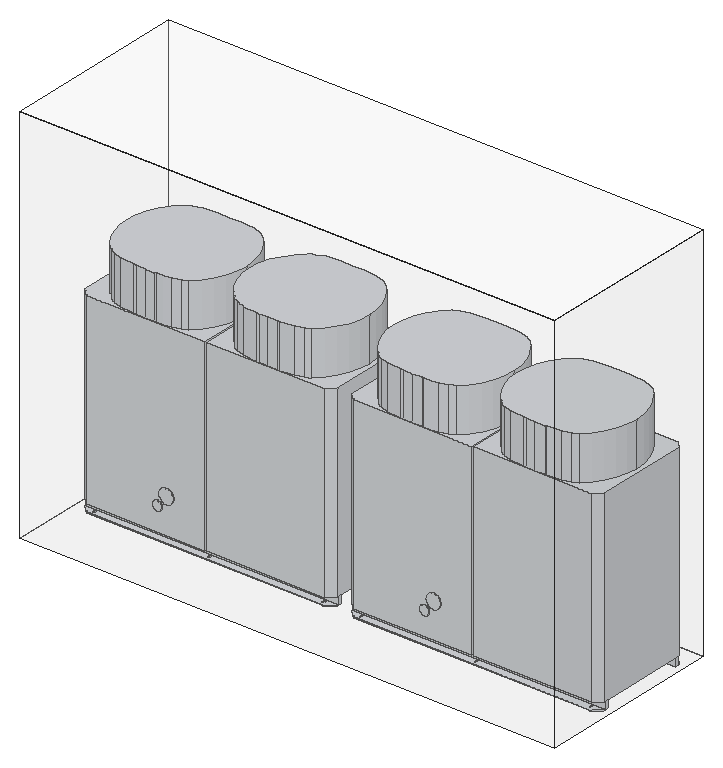
Revit family "pury-ep224_900(s)dmg9_60Hz", category 機械設備, Revit 2019
Family settings
  丸型コネクタ寸法 = 直径を使用
  パーツ タイプ = 標準
  OmniClass 番号 = 23.75.10.24.21.27.27
  OmniClass タイトル = Split System Air Conditioning Units
  作業面ベース = いいえ
  常に垂直 = はい
  ロード時にボイドで切り取り = いいえ
  共有 = いいえ
  部屋計算ポイント = いいえ
Parameters (values of type "PURY-EP900SDMG9_タイプB")
  風量（m3／min） = 640
  風量 = MAX風量  # 38400.0 m³/h
  音響パワーレベル(dB) = 89.5
  電源種別 = ""
  電源位置2Y（ユニット3） = 121 mm
  電源位置2Y（ユニット2） = 121 mm
  電源位置2Y（ユニット1） = 121 mm
  電源位置2X（ユニット3） = 516 mm
  電源位置2X（ユニット2） = 516 mm
  電源位置2X（ユニット1） = 516 mm
  電源位置1Z（ユニット3） = 217 mm
  電源位置1Z（ユニット2） = 217 mm
  電源位置1Z（ユニット1） = 217 mm
  電源位置1X（ユニット3） = 541 mm
  電源位置1X（ユニット2） = 541 mm
  電源位置1X（ユニット1） = 541 mm
  電圧 = 200 V
  電動機出力_送風機 = 3.68 kW
  電動機出力_圧縮機 = 22.2 kW
  集中コントローラ [instance] = ""
  運転質量 = 0.00 kg
  運転方法 = "冷暖同時"
  質量 = if(製品質量 > 運転質量, 製品質量, 運転質量) * 1.2  # 744.00 kg
  負荷分類 = 1_熱源類
  説明 = "ビル用マルチエアコン　室外ユニット シティマルチR2 GR 高効率EX"
  設計暖房能力 [instance] = 0 kW
  設計冷房能力_顕熱 [instance] = 0 kW
  設計冷房能力 [instance] = 0 kW
  設置方法 = "床置形"
  記号 [instance] = ""
  製造元 = "三菱電機株式会社"
  製品質量 = 620.00 kg
  製品出荷対象 = "国内"
  製品リリース年月 = "2024/4/26"
  製品グループ = ""
  系統 [instance] = ""
  符号 = "EHP"
  積算_科目 = "1 空気調和設備"
  積算_拾い区分 [instance] = ""
  相 = 3
  盤記号 [instance] = ""
  発停方法 = "付属スイッチ"
  特殊仕様 [instance] = ""
  消費電力_暖房 = 28.5 kW
  消費電力_冷房 = 30.6 kW
  消費電力 = if(消費電力_冷房 > 消費電力_暖房, 消費電力_冷房, 消費電力_暖房)  # 30.6 kW
  法定耐用年数 = "15"
  極数 = 3
  材質 [instance] = ""
  本体マテリアル = none
  最小電線太さ_mm2 = 100
  最大電流値 = 134 A
  暖房能力 = 100 kW
  推奨ブレーカー容量 = 150 A
  据付ピッチ1 = 0 mm
  形式 = "マルチパッケージ形 室外機"
  幹線記号 [instance] = ""
  始動方式 = ""
  呼称 = "マルチパッケージ形空気調和機"
  周波数 = 60 Hz
  参照している仕様書等のバージョン = "公共建築工事標準仕様書（機械設備工事編）平成31年度版"
  分類コード = "50053003300020"
  分類グループ = ""
  冷房能力 = 90 kW
  冷媒管（液）位置2 (ユニット3) = 146 mm
  冷媒管（液）位置2 (ユニット2) = 146 mm
  冷媒管（液）位置1 (ユニット3） = 533 mm
  冷媒管（ガス）位置2 (ユニット3) = 146 mm
  冷媒管（ガス）位置2 (ユニット2) = 146 mm
  冷媒管（ガス）位置1 (ユニット3) = 140 mm
  冷媒管（ガス）位置1 (ユニット1) = 140 mm
  冷媒管（液）位置1 (ユニット1) = 533 mm
  冷媒管（液）位置2 (ユニット1) = 146 mm
  冷媒管（ガス）位置2 (ユニット1) = 146 mm
  冷媒管（ガス）位置1 (ユニット2) = 140 mm
  冷媒管（液）位置1 (ユニット2） = 533 mm
  冷媒管長 [instance] = 0 mm
  冷媒管径符号 = "Hi"
  冷媒管径3 = 100.00 mm
  冷媒管径2 = 100.00 mm
  冷媒管径 = 100.00 mm
  冷媒管位置3 (ユニット3) = 294.5 mm
  冷媒管位置3 (ユニット2) = 294.5 mm
  冷媒管位置3 (ユニット1) = 294.5 mm
  冷媒管位置2 (ユニット3) = 146 mm
  冷媒管位置2 (ユニット2) = 146 mm
  冷媒管位置1 (ユニット2) = 603 mm
  冷媒管位置2 (ユニット1) = 146 mm
  冷媒管位置1 (ユニット3) = 603 mm
  冷媒管位置1 (ユニット1) = 603 mm
  冷媒液管径3 = 22.20 mm
  冷媒液管径2 = 22.20 mm
  冷媒液管径 = 22.20 mm
  冷媒ガス管径3 = 28.58 mm
  冷媒ガス管径2 = 28.58 mm
  冷媒ガス管径 = 28.58 mm
  企業コード = "108420"
  付属品 [instance] = ""
  仕様書バージョン = "Version1.0"
  ユニット隙間 = if(サービススペース_タイプA, 30 mm, 100 mm)  # 100 mm
  ユニット数 = 2
  ユニットタイプ3 = 筐体モジュール.（R2高効率） : 450K筐体
  ユニットタイプ2 = 筐体モジュール.（R2高効率） : 450K筐体
  ユニットタイプ1 = 筐体モジュール.（R2高効率） : 450K筐体
  ユニット3_S = no
  ユニット3_L = no
  ユニット3 = no
  ユニット2_S = no
  ユニット2_L = no
  ユニット2 = yes
  ユニット1_S = no
  ユニット1_L = no
  モデル = "PURY-EP900SDMG9"
  ドレン管径 = 0.00 mm
  サービススペース_タイプA = no
  サービススペース = yes
  コメント [instance] = ""
  ケーブル種類 = ""
  ケーブルサイズ = 0 mm
  アンカーボルト位置Y（ユニット3） = 681 mm
  アンカーボルト位置Y（ユニット2） = 681 mm
  アンカーボルト位置Y（ユニット1） = 681 mm
  アンカーボルト位置X（ユニット3） = 795 mm
  アンカーボルト位置X（ユニット2） = 795 mm
  アンカーボルト位置X（ユニット1） = 795 mm
  Width3 = 1750 mm
  Width2 = 1750 mm
  Width1 = 1750 mm
  Width = if(ユニット3, Width1 + Width2 + Width3 + 2 * ユニット隙間, if(ユニット2, Width1 + Width2 + 1 * ユニット隙間, Width1))  # 3600 mm
  Version = ""
  Uniclass2015Version = "Systems v1.9"
  Uniclass2015Title = "Split coil remote air cooled condensing units"
  Uniclass2015Code = "Pr_70_65_03_84"
  URL = "https://www.mitsubishielectric.co.jp/ldg/wink/qr/002/331936/"
  SpecificationReference = ""
  SpecificationDescription = ""
  Revision = ""
  ProductInformation = ""
  OmniClassCode = "23-75 10 24 21 27 27"
  OUTLINE2 = outline : outline_XL
  OUTLINE1 = outline : outline_XL
  MAX風量 = 風量（m3／min） * 60.0 m³/h  # 38400.0 m³/h
  IfcTypeProduct = ""
  IfcProduct = ""
  IfcExportType = "AIRCONDITIONINGUNIT"
  IfcExportAs = "IfcUnitaryEquipmentType"
  Height = 1650 mm
  Depth = 740 mm
  Clearance Top [instance] = if(サービススペース_タイプA, 1000 mm, 1000 mm)  # 1000 mm
  Clearance Right [instance] = if(サービススペース_タイプA, 15 mm, 50 mm)  # 50 mm
  Clearance Left [instance] = if(サービススペース_タイプA, 15 mm, 50 mm)  # 50 mm
  Clearance Front [instance] = if(サービススペース_タイプA, 450 mm, 450 mm)  # 450 mm
  Clearance Back [instance] = if(サービススペース_タイプA, 300 mm, 100 mm)  # 100 mm
  COP = 0
  Author = "三菱電機株式会社"
  APF = 0
Reference planes
  plane 1 "中心(正面/背面)": y = 0
  plane 2: z = 0
  plane 3 "中心(左/右)": x = 890
  plane 4 "右": x = 2690
  plane 5 "左": x = -910
  plane 6 "背面": y = 370
  plane 7 "正面": y = -370
  plane 8: z = 1347
  plane 9 "上部": z = 1650
  plane 10 "Clearanse Top": z = 2650
  plane 11: x = -2157
  plane 12 "冷媒操作弁ガス芯2": y = -224
  plane 13 "冷媒操作弁液芯2": y = -224
  plane 14 "SS_back": y = 470
  plane 15 "SS_front": y = -820
  plane 16 "SS_left": x = -960
  plane 17 "SS_right": x = 2740
  plane 18: x = -1010
  plane 19: x = -910
  plane 20: x = 840
  plane 21: x = 940
  plane 22: x = -2760
  plane 23: x = -307
  plane 24: x = 1543
  plane 25: x = -1885
  plane 26: x = -35
  plane 27: x = 1815
  plane 28: z = 53
  plane 29: z = 294.5
  plane 30: y = -224
  plane 31: z = 54
  plane 32: z = 294.5
  plane 33: z = 294.5
  plane 34: x = 1456
  plane 35: x = 1481
  plane 36: x = -394
  plane 37: x = -369
  plane 38: y = -249
  plane 39: y = -249
  plane 40: y = -249
  plane 41: z = 217
  plane 42: z = 217
  plane 43: z = 217
Forms (mm)
  Extrusion 1, solid, detail levels fine
    sketch origin (0, -370, 0) x (1, 0, 0) y (0, 0, 1)
      loop
        circle (1543, 294.5) r 50
    from 0 to 1
  Extrusion 2, solid, visible <- "ユニット2", detail levels fine
    sketch origin (0, -370, 0) x (1, 0, 0) y (0, 0, 1)
      loop
        circle (-307, 294.5) r 50
    from 0 to 1
  Extrusion 3, solid, detail levels fine
    sketch origin (-1437.329, -1524, 54) x (-1, 0, 0) y (0, -1, 0)
      loop
        circle (-2980.329, -1300) r 50
    from 0 to -1
  Extrusion 4, solid, visible <- "ユニット2", detail levels fine
    sketch origin (-1437.329, -1524, 54) x (-1, 0, 0) y (0, -1, 0)
      loop
        circle (-1130.329, -1300) r 50
    from 0 to -1
  Extrusion 5, solid, detail levels fine
    sketch origin (-1437.329, -1524, 54) x (-1, 0, 0) y (0, -1, 0)
      loop
        circle (-2893.329, -1275) r 32.5
    from -1 to 0
  Extrusion 6, solid, visible <- "ユニット2", detail levels fine
    sketch origin (-1437.329, -1524, 54) x (-1, 0, 0) y (0, -1, 0)
      loop
        circle (-1043.329, -1275) r 32.5
    from -1 to 0
  Extrusion 7, solid, detail levels fine
    sketch origin (0, -370, 0) x (1, 0, 0) y (0, 0, 1)
      loop
        circle (1481, 217) r 32.5
    from 0 to 1
  Extrusion 8, solid, visible <- "ユニット2", detail levels fine
    sketch origin (0, -370, 0) x (1, 0, 0) y (0, 0, 1)
      loop
        circle (-369, 217) r 32.5
    from 0 to 1
Lines and regions (mm)
  model lines, not visible
    curve 1: line (460, 178.667, 1289.179) -> (460, 297.73, 1289.179)
    curve 2: line (460, 178.667, 1056.056) -> (460, 178.667, 1289.179)
    curve 3: line (460, 297.73, 1056.056) -> (460, 178.667, 1056.056)
    curve 4: line (460, 297.73, 1289.179) -> (460, 297.73, 1056.056)
    curve 5: line (460, 47.598, 1289.179) -> (460, 166.661, 1289.179)
    curve 6: line (460, 47.598, 1056.056) -> (460, 47.598, 1289.179)
    curve 7: line (460, 166.661, 1056.056) -> (460, 47.598, 1056.056)
    curve 8: line (460, 166.661, 1289.179) -> (460, 166.661, 1056.056)
    curve 9: line (460, -83.471, 1289.179) -> (460, 35.592, 1289.179)
    curve 10: line (460, -83.471, 1056.056) -> (460, -83.471, 1289.179)
    curve 11: line (460, 35.592, 1056.056) -> (460, -83.471, 1056.056)
    curve 12: line (460, 35.592, 1289.179) -> (460, 35.592, 1056.056)
    curve 13: line (460, -150.779, 1289.179) -> (460, -95.75, 1289.179)
    curve 14: line (460, -150.779, 1056.056) -> (460, -150.779, 1289.179)
    curve 15: line (460, -95.75, 1056.056) -> (460, -150.779, 1056.056)
    curve 16: line (460, -95.75, 1289.179) -> (460, -95.75, 1056.056)
    curve 17: line (460, -150.779, 1283.175) -> (460, -132.596, 1283.175)
    curve 18: line (460, -150.779, 1062.059) -> (460, -150.779, 1283.175)
    curve 19: line (460, -132.596, 1062.059) -> (460, -150.779, 1062.059)
    curve 20: line (460, -132.596, 1283.175) -> (460, -132.596, 1062.059)
    curve 21: line (460, 178.667, 1046.051) -> (460, 297.73, 1046.051)
    curve 22: line (460, 178.667, 812.928) -> (460, 178.667, 1046.051)
    curve 23: line (460, 297.73, 812.928) -> (460, 178.667, 812.928)
    curve 24: line (460, 297.73, 1046.051) -> (460, 297.73, 812.928)
    curve 25: line (460, 47.598, 1046.051) -> (460, 166.661, 1046.051)
    curve 26: line (460, 47.598, 812.928) -> (460, 47.598, 1046.051)
    curve 27: line (460, 166.661, 812.928) -> (460, 47.598, 812.928)
    curve 28: line (460, 166.661, 1046.051) -> (460, 166.661, 812.928)
    curve 29: line (460, -83.471, 1046.051) -> (460, 35.592, 1046.051)
    curve 30: line (460, -83.471, 812.928) -> (460, -83.471, 1046.051)
    curve 31: line (460, 35.592, 812.928) -> (460, -83.471, 812.928)
    curve 32: line (460, 35.592, 1046.051) -> (460, 35.592, 812.928)
    curve 33: line (460, -150.779, 1046.051) -> (460, -95.75, 1046.051)
    curve 34: line (460, -150.779, 812.928) -> (460, -150.779, 1046.051)
    curve 35: line (460, -95.75, 812.928) -> (460, -150.779, 812.928)
    curve 36: line (460, -95.75, 1046.051) -> (460, -95.75, 812.928)
    curve 37: line (460, -150.779, 1040.048) -> (460, -132.596, 1040.048)
    curve 38: line (460, -150.779, 818.931) -> (460, -150.779, 1040.048)
    curve 39: line (460, -132.596, 818.931) -> (460, -150.779, 818.931)
    curve 40: line (460, -132.596, 1040.048) -> (460, -132.596, 818.931)
    curve 41: line (460, 178.667, 802.923) -> (460, 297.73, 802.923)
    curve 42: line (460, 178.667, 569.8) -> (460, 178.667, 802.923)
    curve 43: line (460, 297.73, 569.8) -> (460, 178.667, 569.8)
    curve 44: line (460, 297.73, 802.923) -> (460, 297.73, 569.8)
    curve 45: line (460, 47.598, 802.923) -> (460, 166.661, 802.923)
    curve 46: line (460, 47.598, 569.8) -> (460, 47.598, 802.923)
    curve 47: line (460, 166.661, 569.8) -> (460, 47.598, 569.8)
    curve 48: line (460, 166.661, 802.923) -> (460, 166.661, 569.8)
    curve 49: line (460, -83.471, 802.923) -> (460, 35.592, 802.923)
    curve 50: line (460, -83.471, 569.8) -> (460, -83.471, 802.923)
    curve 51: line (460, 35.592, 569.8) -> (460, -83.471, 569.8)
    curve 52: line (460, 35.592, 802.923) -> (460, 35.592, 569.8)
    curve 53: line (460, -150.779, 802.923) -> (460, -95.75, 802.923)
    curve 54: line (460, -150.779, 569.8) -> (460, -150.779, 802.923)
    curve 55: line (460, -95.75, 569.8) -> (460, -150.779, 569.8)
    curve 56: line (460, -95.75, 802.923) -> (460, -95.75, 569.8)
    curve 57: line (460, -150.779, 796.92) -> (460, -132.596, 796.92)
    curve 58: line (460, -150.779, 575.803) -> (460, -150.779, 796.92)
    curve 59: line (460, -132.596, 575.803) -> (460, -150.779, 575.803)
    curve 60: line (460, -132.596, 796.92) -> (460, -132.596, 575.803)
    curve 61: line (460, 178.667, 559.795) -> (460, 297.73, 559.795)
    curve 62: line (460, 178.667, 326.672) -> (460, 178.667, 559.795)
    curve 63: line (460, 297.73, 326.672) -> (460, 178.667, 326.672)
    curve 64: line (460, 297.73, 559.795) -> (460, 297.73, 326.672)
    curve 65: line (460, 47.598, 559.795) -> (460, 166.661, 559.795)
    curve 66: line (460, 47.598, 326.672) -> (460, 47.598, 559.795)
    curve 67: line (460, 166.661, 326.672) -> (460, 47.598, 326.672)
    curve 68: line (460, 166.661, 559.795) -> (460, 166.661, 326.672)
    curve 69: line (460, -83.471, 559.795) -> (460, 35.592, 559.795)
    curve 70: line (460, -83.471, 326.672) -> (460, -83.471, 559.795)
    curve 71: line (460, 35.592, 326.672) -> (460, -83.471, 326.672)
    curve 72: line (460, 35.592, 559.795) -> (460, 35.592, 326.672)
    curve 73: line (460, -150.779, 559.795) -> (460, -95.75, 559.795)
    curve 74: line (460, -150.779, 326.672) -> (460, -150.779, 559.795)
    curve 75: line (460, -95.75, 326.672) -> (460, -150.779, 326.672)
    curve 76: line (460, -95.75, 559.795) -> (460, -95.75, 326.672)
    curve 77: line (460, -150.779, 553.792) -> (460, -132.596, 553.792)
    curve 78: line (460, -150.779, 332.675) -> (460, -150.779, 553.792)
    curve 79: line (460, -132.596, 332.675) -> (460, -150.779, 332.675)
    curve 80: line (460, -132.596, 553.792) -> (460, -132.596, 332.675)
    curve 81: line (460, 178.667, 316.667) -> (460, 297.73, 316.667)
    curve 82: line (460, 178.667, 83.544) -> (460, 178.667, 316.667)
    curve 83: line (460, 297.73, 83.544) -> (460, 178.667, 83.544)
    curve 84: line (460, 297.73, 316.667) -> (460, 297.73, 83.544)
    curve 85: line (460, 47.598, 316.667) -> (460, 166.661, 316.667)
    curve 86: line (460, 47.598, 83.544) -> (460, 47.598, 316.667)
    curve 87: line (460, 166.661, 83.544) -> (460, 47.598, 83.544)
    curve 88: line (460, 166.661, 316.667) -> (460, 166.661, 83.544)
    curve 89: line (460, -83.471, 316.667) -> (460, 35.592, 316.667)
    curve 90: line (460, -83.471, 83.544) -> (460, -83.471, 316.667)
    curve 91: line (460, 35.592, 83.544) -> (460, -83.471, 83.544)
    curve 92: line (460, 35.592, 316.667) -> (460, 35.592, 83.544)
    curve 93: line (460, -150.779, 316.667) -> (460, -95.75, 316.667)
    curve 94: line (460, -150.779, 83.544) -> (460, -150.779, 316.667)
    curve 95: line (460, -95.75, 83.544) -> (460, -150.779, 83.544)
    curve 96: line (460, -95.75, 316.667) -> (460, -95.75, 83.544)
    curve 97: line (460, -150.779, 310.664) -> (460, -132.596, 310.664)
    curve 98: line (460, -150.779, 89.547) -> (460, -150.779, 310.664)
    curve 99: line (460, -132.596, 89.547) -> (460, -150.779, 89.547)
    curve 100: line (460, -132.596, 310.664) -> (460, -132.596, 89.547)
Dimensions and locks
  plane 8 to level = 1347 mm
  equal spacing: plane 7 "正面", plane 1 "中心(正面/背面)", plane 6 "背面", locked at 370 each
  "Depth": plane 7 "正面" to plane 6 "背面"
  "Width": plane 5 "左" to plane 4 "右"
  equal spacing: plane 5 "左", plane 3 "中心(左/右)", plane 4 "右"
  "冷媒管位置2 (ユニット3)": plane 7 "正面" to plane 13 "冷媒操作弁液芯2"
  "冷媒管位置2 (ユニット2)": plane 7 "正面" to plane 12 "冷媒操作弁ガス芯2"
  "Clearance Left": plane 16 "SS_left" to plane 5 "左"
  "Clearance Right": plane 4 "右" to plane 17 "SS_right"
  "Clearance Back": plane 6 "背面" to plane 14 "SS_back"
  "Clearance Front": plane 15 "SS_front" to plane 7 "正面"
  "Clearance Top": plane 10 "Clearanse Top" to plane 9 "上部"
  "Height": plane 9 "上部" to plane 2
  plane 9 "上部" to plane 8 = 303 mm
  "ユニット隙間": plane 18 to plane 19
  "Width2": plane 19 to plane 20
  "ユニット隙間": plane 20 to plane 21
  "Width3": plane 22 to plane 18
  "Width1": plane 21 to plane 4 "右"
  "冷媒管位置1 (ユニット2)": plane 19 to plane 23
  "冷媒管位置1 (ユニット1)": plane 21 to plane 24
  "冷媒管位置1 (ユニット3)": plane 22 to plane 11
  equal spacing: plane 22, plane 25, plane 18
  equal spacing: plane 19, plane 26, plane 20
  equal spacing: plane 21, plane 27, plane 4 "右"
  "冷媒管位置2 (ユニット1)": plane 7 "正面" to plane 30
  plane 31 to level = 54 mm
  "冷媒管位置3 (ユニット1)": plane 29 to level
  locked: plane 31 to plane 28 at 1
  "冷媒管位置3 (ユニット2)": plane 32 to level
  "冷媒管位置3 (ユニット3)": plane 33 to level
  "電源位置2X（ユニット2）": plane 19 to plane 36
  "電源位置2X（ユニット1）": plane 21 to plane 34
  "電源位置2Y（ユニット1）": plane 7 "正面" to plane 38
  "電源位置2Y（ユニット2）": plane 7 "正面" to plane 39
  "電源位置2Y（ユニット3）": plane 7 "正面" to plane 40
  "電源位置1X（ユニット1）": plane 35 to plane 21
  "電源位置1X（ユニット2）": plane 37 to plane 19
  "電源位置1Z（ユニット1）": plane 43 to level
  "電源位置1Z（ユニット2）": plane 42 to level
  "電源位置1Z（ユニット3）": plane 41 to level
  "冷媒管径": diameter of Extrusion 1 sketch curve
  "冷媒管径2": diameter of Extrusion 2 sketch curve
  "冷媒管径": diameter of Extrusion 3 sketch curve
  "冷媒管径2": diameter of Extrusion 4 sketch curve
  radius of Extrusion 5 sketch curve = 32.5 mm
  radius of Extrusion 6 sketch curve = 32.5 mm
  radius of Extrusion 7 sketch curve = 32.5 mm
  aligned and locked: level to plane 2
  aligned and locked: plane 14 "SS_back" to nested 1  (x2)
  aligned and locked: plane 17 "SS_right" to nested 1
  aligned and locked: plane 16 "SS_left" to nested 1  (x2)
  aligned and locked: nested 1 to plane 17 "SS_right"
  aligned and locked: plane 15 "SS_front" to nested 1
  aligned and locked: nested 2 to plane 1 "中心(正面/背面)"
  aligned and locked: plane 10 "Clearanse Top" to nested 1
  aligned and locked: nested 1 to plane 2
  aligned and locked: plane 25 to nested 2
  aligned and locked: plane 29 to Extrusion 1 sketch curve
  aligned and locked: plane 24 to Extrusion 1 sketch curve
  aligned and locked: plane 23 to Extrusion 2 sketch curve
  aligned and locked: plane 30 to Extrusion 3 sketch curve
  aligned and locked: plane 24 to Extrusion 3 sketch curve
  aligned and locked: plane 12 "冷媒操作弁ガス芯2" to Extrusion 4 sketch curve
  aligned and locked: plane 23 to Extrusion 4 sketch curve
  aligned and locked: plane 32 to Extrusion 2 sketch curve
  aligned and locked: plane 34 to Extrusion 5 sketch curve
  aligned and locked: plane 38 to Extrusion 5 sketch curve
  aligned and locked: plane 31 to Extrusion 5
  aligned and locked: Extrusion 5 to plane 28
  aligned and locked: plane 36 to Extrusion 6 sketch curve
  aligned and locked: plane 39 to Extrusion 6 sketch curve
  aligned and locked: plane 31 to Extrusion 6
  aligned and locked: Extrusion 6 to plane 28
  aligned and locked: plane 35 to Extrusion 7 sketch curve
  aligned and locked: plane 43 to Extrusion 7 sketch curve
  aligned and locked: plane 42 to Extrusion 8 sketch curve
  aligned and locked: plane 37 to Extrusion 8 sketch curve
  aligned and locked: Extrusion 8 to plane 7 "正面"
  aligned and locked: Extrusion 7 to plane 7 "正面"
  aligned and locked: Extrusion 8 to Extrusion 2
  aligned and locked: Extrusion 7 to Extrusion 1
  aligned and locked: plane 26 to nested 4
  aligned and locked: plane 27 to nested 5
  aligned and locked: plane 27 to nested 3
  aligned and locked: plane 26 to nested 6
  aligned and locked: plane 1 "中心(正面/背面)" to nested 6
Automatic sketch dimensions
  radius of Extrusion 8 sketch curve = 32.5 mm
Nested families
  nested 1: "サービススペース" at (890, -175, 1325), visible <- "サービススペース", type "サービススペース"
    with Width 3700 mm, Height 2650 mm, Depth 1290 mm
  nested 2: "筐体モジュール.（R2高効率）" at (-1885, 0, 0), 冷媒ガス管径 <- "冷媒ガス管径3", 冷媒液管径 <- "冷媒液管径3", Width <- "Width3", Depth <- "Depth", Height <- "Height", type <- "ユニットタイプ3", 冷媒ガス_X <- "冷媒管（ガス）位置1 (ユニット3)", 冷媒ガス_Y <- "冷媒管（ガス）位置2 (ユニット3)", 冷媒液_X <- "冷媒管（液）位置1 (ユニット3）", 冷媒液_Y <- "冷媒管（液）位置2 (ユニット3)", 冷媒管径 <- "冷媒管径3", 冷媒管径_X <- "冷媒管位置1 (ユニット3)", 冷媒管径_Y <- "冷媒管位置2 (ユニット3)", 冷媒管径_Z <- "冷媒管位置3 (ユニット3)", ユニット2 <- "ユニット3", type "450K筐体"
    with 冷媒管径_Z 294.5 mm, 冷媒管径_Y 146 mm, 冷媒管径_X 603 mm, 冷媒管径 100 mm, 冷媒液管径 22.2 mm, 冷媒液_Z 327 mm, 冷媒液_Y 146 mm, 冷媒液_X 533 mm, 冷媒ガス管径 28.58 mm, 冷媒ガス_Z 262 mm, 冷媒ガス_Y 146 mm, 冷媒ガス_X 140 mm, ユニット4X no, ユニット2 no, Width 1750 mm, Height 1650 mm, Depth 740 mm
  nested 3: "筐体モジュール.（R2高効率）" at (1815, 0, 0), type <- "ユニットタイプ1", 冷媒管径_X <- "冷媒管位置1 (ユニット1)", Width <- "Width1", 冷媒ガス管径 <- "冷媒ガス管径", 冷媒液管径 <- "冷媒液管径", 冷媒液_X <- "冷媒管（液）位置1 (ユニット1)", type "450K筐体", detail levels fine
    with 冷媒管径_Z 294.5 mm, 冷媒管径_Y 146 mm, 冷媒管径_X 603 mm, 冷媒管径 100 mm, 冷媒液管径 22.2 mm, 冷媒液_Z 327 mm, 冷媒液_Y 146 mm, 冷媒液_X 533 mm, 冷媒ガス管径 28.58 mm, 冷媒ガス_Z 262 mm, 冷媒ガス_Y 146 mm, 冷媒ガス_X 140 mm, ユニット4X yes, ユニット2 yes, Width 1750 mm, Height 1650 mm, Depth 740 mm
  nested 4: "outline" at (-35, 0, 0), ユニット2 <- "ユニット2", type <- "OUTLINE2", type "outline_XL", detail levels coarse+medium
    with ユニット4X no, ユニット2 yes, Width 920 mm, Height 1650 mm, Depth 740 mm
  nested 5: "outline" at (1815, 0, 0), type <- "OUTLINE1", type "outline_XL", detail levels coarse+medium
    with ユニット4X no, ユニット2 yes, Width 1220 mm, Height 1650 mm, Depth 740 mm
  nested 6: "筐体モジュール.（R2高効率）" at (-35, 0, 0), type <- "ユニットタイプ2", ユニット2 <- "ユニット2", Width <- "Width2", 冷媒ガス管径 <- "冷媒ガス管径2", 冷媒液管径 <- "冷媒液管径2", 冷媒管径_X <- "冷媒管位置1 (ユニット2)", 冷媒液_X <- "冷媒管（液）位置1 (ユニット2）", type "450K筐体"
    with 冷媒管径_Z 294.5 mm, 冷媒管径_Y 146 mm, 冷媒管径_X 603 mm, 冷媒管径 100 mm, 冷媒液管径 22.2 mm, 冷媒液_Z 327 mm, 冷媒液_Y 146 mm, 冷媒液_X 533 mm, 冷媒ガス管径 28.58 mm, 冷媒ガス_Z 262 mm, 冷媒ガス_Y 146 mm, 冷媒ガス_X 140 mm, ユニット4X yes, ユニット2 yes, Width 1750 mm, Height 1650 mm, Depth 740 mm
Connectors
  piping at (1543, -224, 53), diameter 100, driven by "冷媒管径", driven by "冷媒管径符号"
    settings: on Extrusion 3, index 7, connector inside diameter 609.60 mm, connector length 0 mm, flow factor 0, pipe flow 0.0 L/s, pressure drop 0.0 Pa, fitting loss kfactor 0, connector angle 0.00°, fixture units 0, engagement length 0 mm, angle of deflection 0.00°, flow configuration 1, flow direction 2, fitting loss method 4, system type 7, joint type 0, gender type 0, connector reference index -1, connector utility 0, adjustable connector no, is connector primary yes, connector description "Hi"
  piping at (-307, -224, 53), diameter 100, driven by "冷媒管径2", driven by "冷媒管径符号"
    settings: on Extrusion 4, index 8, connector inside diameter 609.60 mm, connector length 0 mm, flow factor 0, pipe flow 0.0 L/s, pressure drop 0.0 Pa, fitting loss kfactor 0, connector angle 0.00°, fixture units 0, engagement length 0 mm, angle of deflection 0.00°, flow configuration 1, flow direction 2, fitting loss method 4, system type 7, joint type 0, gender type 0, connector reference index -1, connector utility 0, adjustable connector no, is connector primary no, connector description "Hi"
  piping at (-307, -371, 294.5), diameter 100, driven by "冷媒管径2", driven by "冷媒管径符号"
    settings: on Extrusion 2, index 10, connector inside diameter 609.60 mm, connector length 0 mm, flow factor 0, pipe flow 0.0 L/s, pressure drop 0.0 Pa, fitting loss kfactor 0, connector angle 0.00°, fixture units 0, engagement length 0 mm, angle of deflection 0.00°, flow configuration 1, flow direction 2, fitting loss method 4, system type 7, joint type 0, gender type 0, connector reference index -1, connector utility 0, adjustable connector no, is connector primary no, connector description "Hi"
  piping at (1543, -371, 294.5), diameter 100, driven by "冷媒管径", driven by "冷媒管径符号"
    settings: on Extrusion 1, index 11, connector inside diameter 609.60 mm, connector length 0 mm, flow factor 0, pipe flow 0.0 L/s, pressure drop 0.0 Pa, fitting loss kfactor 0, connector angle 0.00°, fixture units 0, engagement length 0 mm, angle of deflection 0.00°, flow configuration 1, flow direction 2, fitting loss method 4, system type 7, joint type 0, gender type 0, connector reference index -1, connector utility 0, adjustable connector no, is connector primary no, connector description "Hi"
  electrical at (-369, -371, 217), driven by "極数", driven by "負荷分類", driven by "電圧", driven by "消費電力"
    settings: on Extrusion 8, index 12, voltage 200 V, apparent load 30600 VA, apparent load phase1 0 VA, apparent load phase2 0 VA, apparent load phase3 0 VA, power factor 1, load classification "1_熱源類", number of poles 3, system type 30, power factor state 1, is connector primary yes, connector utility no, sub classification motor no, connector description ""
  electrical at (1481, -371, 217), driven by "極数", driven by "負荷分類", driven by "電圧", driven by "消費電力"
    settings: on Extrusion 7, index 13, voltage 200 V, apparent load 30600 VA, apparent load phase1 0 VA, apparent load phase2 0 VA, apparent load phase3 0 VA, power factor 1, load classification "1_熱源類", number of poles 3, system type 30, power factor state 1, is connector primary no, connector utility no, sub classification motor no, connector description ""
  electrical at (1456, -249, 53), driven by "極数", driven by "負荷分類", driven by "電圧", driven by "消費電力"
    settings: on Extrusion 5, index 14, voltage 200 V, apparent load 30600 VA, apparent load phase1 0 VA, apparent load phase2 0 VA, apparent load phase3 0 VA, power factor 1, load classification "1_熱源類", number of poles 3, system type 30, power factor state 1, is connector primary no, connector utility no, sub classification motor no, connector description ""
  electrical at (-394, -249, 53), driven by "極数", driven by "負荷分類", driven by "電圧", driven by "消費電力"
    settings: on Extrusion 6, index 15, voltage 200 V, apparent load 30600 VA, apparent load phase1 0 VA, apparent load phase2 0 VA, apparent load phase3 0 VA, power factor 1, load classification "1_熱源類", number of poles 3, system type 30, power factor state 1, is connector primary no, connector utility no, sub classification motor no, connector description ""
Definition of nested family "サービススペース"
  Parameters (values of type "サービススペース")
    Width [instance] = 500 mm
    Height [instance] = 500 mm
    Depth [instance] = 500 mm
  Reference planes
    plane 1 "中心(正面/背面)": y = 0
    plane 2: z = 0
    plane 3 "中心(左/右)": x = 0
    plane 4: y = -250
    plane 5: x = 250
    plane 6: y = 250
    plane 7: x = -250
    plane 8: z = 250
    plane 9: z = -250
  Forms (mm)
    Extrusion 1, solid
      sketch origin (-638.939, 0, 72.39) x (1, 0, 0) y (0, 1, 0)
        loop
          line (388.939, 250) -> (388.939, -250) -> (888.939, -250) -> (888.939, 250) -> (388.939, 250)
      from -322.39 to 177.61
  Lines and regions (mm)
    symbolic lines
      curve 1: line (-250, 0, 250) -> (250, 0, 250)
      curve 2: line (-250, 0, -250) -> (-250, 0, 250)
      curve 3: line (250, 0, -250) -> (-250, 0, -250)
      curve 4: line (250, 0, 250) -> (250, 0, -250)
      curve 5: line (0, -250, 250) -> (0, 250, 250)
      curve 6: line (0, -250, -250) -> (0, -250, 250)
      curve 7: line (0, 250, -250) -> (0, -250, -250)
      curve 8: line (0, 250, 250) -> (0, 250, -250)
      curve 9: line (-250, 250, 0) -> (250, 250, 0)
      curve 10: line (-250, -250, 0) -> (-250, 250, 0)
      curve 11: line (250, -250, 0) -> (-250, -250, 0)
      curve 12: line (250, 250, 0) -> (250, -250, 0)
  Dimensions and locks
    equal spacing: plane 7, plane 3 "中心(左/右)", plane 5
    equal spacing: plane 4, plane 1 "中心(正面/背面)", plane 6
    "Depth": plane 4 to plane 6
    "Width": plane 7 to plane 5
    equal spacing: plane 8, plane 2, plane 9
    "Height": plane 8 to plane 9
    aligned and locked: plane 9 to curve 3
    aligned and locked: plane 7 to curve 2
    aligned and locked: curve 4 to plane 5
    aligned and locked: plane 5 to Extrusion 1
    aligned and locked: Extrusion 1 to plane 7
    aligned and locked: Extrusion 1 to plane 9
    aligned and locked: plane 8 to Extrusion 1
    aligned and locked: plane 9 to curve 7
  Automatic sketch dimensions
    plane 4 to Extrusion 1 sketch curve = 0 mm
    Extrusion 1 sketch curve to plane 7 = 0 mm
    Extrusion 1 sketch curve to plane 5 = 0 mm
    plane 6 to Extrusion 1 sketch curve = 0 mm
    curve 2 to plane 8 = 0 mm
    plane 4 to curve 11 = 0 mm
    curve 11 to plane 7 = 0 mm
    curve 11 to plane 5 = 0 mm
    plane 6 to curve 10 = 0 mm
    curve 7 to plane 4 = 0 mm
    curve 7 to plane 6 = 0 mm
    curve 6 to plane 8 = 0 mm
Definition of nested family "筐体モジュール.（R2高効率）"
  Parameters (values of type "400K筐体")
    冷媒管径_Z [instance] = 294.5 mm
    冷媒管径_Y [instance] = 146 mm
    冷媒管径_X [instance] = 603 mm
    冷媒管径 [instance] = 100 mm
    冷媒液管径 [instance] = 19.05 mm
    冷媒液_Z [instance] = 327 mm
    冷媒液_Y [instance] = 146 mm
    冷媒液_X [instance] = 533 mm
    冷媒ガス管径 [instance] = 25.4 mm
    冷媒ガス_Z [instance] = 262 mm
    冷媒ガス_Y [instance] = 146 mm
    冷媒ガス_X [instance] = 140 mm
    ユニット4X [instance] = and(ユニット2, Width = 1750 mm)  # yes
    ユニット2 [instance] = yes
    Width [instance] = 1750 mm
    W = 1750 mm
    Height [instance] = 1650 mm
    Depth [instance] = 740 mm
  Types (2, lengths in mm): name | 冷媒液管径 | 冷媒ガス管径
    400K筐体 | 19.05 | 25.4
    450K筐体 | 22.2 | 28.58
  Reference planes
    plane 1 "中心(正面/背面)": y = 0
    plane 2: z = 0
    plane 3 "中心(左/右)": x = 0
    plane 4: y = -370
    plane 5: y = 370
    plane 6: x = -875
    plane 7: z = 1347
    plane 8: z = 1650
    plane 9: y = -313
    plane 10: y = -293
    plane 11 "本体下部": z = 54
    plane 12: y = 370
    plane 13: y = 313
    plane 14: y = 293
    plane 15: y = 340.5
    plane 16: x = -795
    plane 17: y = -340.5
    plane 18 "電源高さ": z = 327
    plane 19 "冷媒管高さ": z = 294.5
    plane 20 "冷媒操作弁ガス芯4": z = 53
    plane 21: x = 875
    plane 22: x = -875
    plane 23: x = 875
    plane 24: x = -342
    plane 25: x = -272
    plane 26: x = -202
    plane 27: y = -224
    plane 28: y = -224
    plane 29: y = -224
    plane 30: z = 262
    plane 31: x = 795
  Forms (mm)
    Extrusion 1, solid, visible <- "ユニット4X", detail levels fine
      sketch origin (-460, 0, 0) x (1, 0, 0) y (0, 1, 0)
        loop
          line (-415, -320.583) -> (-365.583, -370) -> (455.244, -370) -> (455.244, 370) -> (-365.831, 370) -> (-415, 320.831) -> (-415, -320.583)
        loop
          line (464.756, 370) -> (464.756, -370) -> (1285.583, -370) -> (1335, -320.583) -> (1335, 320.831) -> (1285.831, 370) -> (464.756, 370)
      from 54 to 1347
    Extrusion 2, solid, visible <- "ユニット4X", detail levels fine
      sketch origin (-460, 0, 0) x (1, 0, 0) y (0, 1, 0)
        loop
          line (-415, -293) -> (-415, -313) -> (1335, -313) -> (1335, -293) -> (-415, -293)
      from 0 to 54
    Extrusion 3, solid, visible <- "ユニット4X", detail levels fine
      sketch origin (-460, 0, 0) x (1, 0, 0) y (0, 1, 0)
        loop
          line (-415, 293) -> (1335, 293) -> (1335, 313) -> (-415, 313) -> (-415, 293)
      from 0 to 54
    Extrusion 4, solid, visible <- "ユニット4X", detail levels fine
      sketch origin (-460, 0, 0) x (1, 0, 0) y (0, 1, 0)
        loop
          line (-415, -313) -> (-415, -320.583) -> (-365.583, -370) -> (1285.583, -370) -> (1335, -320.583) -> (1335, -313) -> (-415, -313)
        loop
          line (-328, -343.5) -> (-328, -337.5)
          arc (-328, -337.5) -> (-335, -330.5) -> (-342, -337.5) r 7
          line (-342, -337.5) -> (-342, -343.5)
          arc (-342, -343.5) -> (-335, -350.5) -> (-328, -343.5) r 7
        loop
          arc (1248, -343.5) -> (1255, -350.5) -> (1262, -343.5) r 7
          line (1262, -343.5) -> (1262, -337.5)
          arc (1262, -337.5) -> (1255, -330.5) -> (1248, -337.5) r 7
          line (1248, -337.5) -> (1248, -343.5)
        loop
          line (467, -343.5) -> (467, -337.5)
          arc (467, -337.5) -> (460, -330.5) -> (453, -337.5) r 7
          line (453, -337.5) -> (453, -343.5)
          arc (453, -343.5) -> (460, -350.5) -> (467, -343.5) r 7
      from 0 to 2
    Extrusion 5, solid, visible <- "ユニット4X", detail levels fine
      sketch origin (-759.5, 0, -2.5) x (1, 0, 0) y (0, 0, 1)
        loop
          circle (487.5, 297) r 50
      from 370 to 371
    Extrusion 6, solid, visible <- "ユニット4X", detail levels fine
      sketch origin (-460, 0, 0) x (1, 0, 0) y (0, 1, 0)
        loop
          circle (188, -224) r 50
      from 53 to 54
    Extrusion 7, solid, visible <- "ユニット4X", detail levels fine
      sketch origin (-460, 0, 0) x (1, 0, 0) y (0, 1, 0)
        loop
          circle (118, -224) r 9.525
      from 53 to 54
    Extrusion 8, solid, visible <- "ユニット4X", detail levels fine
      sketch origin (-460, 0, 0) x (1, 0, 0) y (0, 1, 0)
        loop
          circle (258, -224) r 12.7
      from 53 to 54
    Extrusion 9, solid, visible <- "ユニット4X", detail levels fine
      sketch origin (-460, 0, 0) x (1, 0, 0) y (0, 1, 0)
        loop
          line (-415, 313) -> (1335, 313) -> (1335, 320.583) -> (1285.583, 370) -> (-365.583, 370) -> (-415, 320.583) -> (-415, 313)
        loop
          arc (-328, 343.5) -> (-335, 350.5) -> (-342, 343.5) r 7
          line (-342, 343.5) -> (-342, 337.5)
          arc (-342, 337.5) -> (-335, 330.5) -> (-328, 337.5) r 7
          line (-328, 337.5) -> (-328, 343.5)
        loop
          line (1248, 343.5) -> (1248, 337.5)
          arc (1248, 337.5) -> (1255, 330.5) -> (1262, 337.5) r 7
          line (1262, 337.5) -> (1262, 343.5)
          arc (1262, 343.5) -> (1255, 350.5) -> (1248, 343.5) r 7
        loop
          arc (467, 343.5) -> (460, 350.5) -> (453, 343.5) r 7
          line (453, 343.5) -> (453, 337.5)
          arc (453, 337.5) -> (460, 330.5) -> (467, 337.5) r 7
          line (467, 337.5) -> (467, 343.5)
      from 0 to 2
    Extrusion 10, solid, visible <- "ユニット4X", detail levels fine
      sketch origin (426.031, 0, 0) x (-1, 0, 0) y (0, -1, 0)
        loop
          arc (-268.081, -316.106) -> (-250.974, -327.516) -> (-232.369, -336.274) r 138.853
          arc (-232.369, -336.274) -> (-204.68, -346.28) -> (-176.163, -353.601) r 308.609
          arc (-176.163, -353.601) -> (-128.058, -361) -> (-79.445, -363.367) r 468.429
          line (-79.445, -363.367) -> (0, -363.367) -> (79.445, -363.367)
          arc (79.445, -363.367) -> (128.058, -361) -> (176.163, -353.601) r 468.429
          arc (176.163, -353.601) -> (204.68, -346.28) -> (232.369, -336.274) r 308.609
          arc (232.369, -336.274) -> (250.84, -327.278) -> (268.082, -316.106) r 168.924
          arc (268.082, -316.106) -> (376.101, -174.18) -> (414.476, 0) r 414.476
          arc (414.476, 0) -> (376.101, 174.18) -> (268.081, 316.106) r 414.476
          arc (268.081, 316.106) -> (250.84, 327.278) -> (232.369, 336.274) r 168.924
          arc (232.369, 336.274) -> (204.68, 346.28) -> (176.163, 353.601) r 308.609
          arc (176.163, 353.601) -> (128.058, 361) -> (79.445, 363.367) r 468.429
          arc (79.445, 363.367) -> (71.906, 363.425) -> (64.372, 363.142) r 167.153
          line (64.372, 363.142) -> (0, 363.142) -> (-64.372, 363.142)
          arc (-64.372, 363.142) -> (-71.906, 363.425) -> (-79.445, 363.367) r 167.153
          arc (-79.445, 363.367) -> (-128.058, 361) -> (-176.163, 353.601) r 468.429
          arc (-176.163, 353.601) -> (-204.68, 346.28) -> (-232.369, 336.274) r 308.609
          arc (-232.369, 336.274) -> (-250.84, 327.278) -> (-268.081, 316.106) r 168.924
          arc (-268.081, 316.106) -> (-376.101, 174.18) -> (-414.476, 0) r 414.476
          arc (-414.476, 0) -> (-376.101, -174.18) -> (-268.081, -316.106) r 414.476
      from 1347 to 1650
    Extrusion 11, solid, visible <- "ユニット4X", detail levels fine
      sketch origin (-426.031, 0, 0) x (1, 0, 0) y (0, 1, 0)
        loop
          arc (-268.081, 316.106) -> (-376.101, 174.18) -> (-414.476, 0) r 414.476
          arc (-414.476, 0) -> (-376.101, -174.18) -> (-268.081, -316.106) r 414.476
          arc (-268.081, -316.106) -> (-250.84, -327.278) -> (-232.369, -336.274) r 168.924
          arc (-232.369, -336.274) -> (-204.68, -346.28) -> (-176.163, -353.601) r 308.609
          arc (-176.163, -353.601) -> (-128.058, -361) -> (-79.445, -363.367) r 468.429
          arc (-79.445, -363.367) -> (-71.906, -363.425) -> (-64.372, -363.142) r 167.153
          line (-64.372, -363.142) -> (0, -363.142) -> (64.372, -363.142)
          arc (64.372, -363.142) -> (71.906, -363.425) -> (79.445, -363.367) r 167.153
          arc (79.445, -363.367) -> (129.328, -360.87) -> (178.663, -353.076) r 468.429
          arc (178.663, -353.076) -> (205.901, -345.901) -> (232.372, -336.274) r 308.61
          arc (232.372, -336.274) -> (251.312, -327.333) -> (268.992, -316.106) r 167.985
          arc (268.992, -316.106) -> (376.782, -174.112) -> (415.066, 0) r 415.066
          arc (415.066, 0) -> (376.782, 174.112) -> (268.992, 316.106) r 415.066
          arc (268.992, 316.106) -> (251.312, 327.333) -> (232.372, 336.274) r 167.985
          arc (232.372, 336.274) -> (205.901, 345.901) -> (178.663, 353.076) r 308.61
          arc (178.663, 353.076) -> (129.328, 360.87) -> (79.445, 363.367) r 468.429
          line (79.445, 363.367) -> (0, 363.367) -> (-79.445, 363.367)
          arc (-79.445, 363.367) -> (-128.058, 361) -> (-176.163, 353.601) r 468.429
          arc (-176.163, 353.601) -> (-204.68, 346.28) -> (-232.369, 336.274) r 308.609
          arc (-232.369, 336.274) -> (-250.974, 327.516) -> (-268.081, 316.106) r 138.853
      from 1347 to 1650
  Lines and regions (mm)
    Masking region 1, visible <- "ユニット4X", detail levels coarse+medium
      outline origin (0, 0, 0) x (1, 0, 0) y (0, 1, 0)
        loop
          line (-825.831, 370) -> (-875, 320.831) -> (-875, -320.583) -> (-825.583, -370) -> (825.583, -370) -> (875, -320.583) -> (875, 320.831) -> (825.831, 370) -> (-825.831, 370)
    model lines, visible <- "ユニット4X", detail levels fine
      curve 1: line (-875, 178.667, 1289.179) -> (-875, 297.73, 1289.179)
      curve 2: line (-875, 178.667, 1056.056) -> (-875, 178.667, 1289.179)
      curve 3: line (-875, 297.73, 1056.056) -> (-875, 178.667, 1056.056)
      curve 4: line (-875, 297.73, 1289.179) -> (-875, 297.73, 1056.056)
      curve 5: line (-875, 47.598, 1289.179) -> (-875, 166.661, 1289.179)
      curve 6: line (-875, 47.598, 1056.056) -> (-875, 47.598, 1289.179)
      curve 7: line (-875, 166.661, 1056.056) -> (-875, 47.598, 1056.056)
      curve 8: line (-875, 166.661, 1289.179) -> (-875, 166.661, 1056.056)
      curve 9: line (-875, -83.471, 1289.179) -> (-875, 35.592, 1289.179)
      curve 10: line (-875, -83.471, 1056.056) -> (-875, -83.471, 1289.179)
      curve 11: line (-875, 35.592, 1056.056) -> (-875, -83.471, 1056.056)
      curve 12: line (-875, 35.592, 1289.179) -> (-875, 35.592, 1056.056)
      curve 13: line (-875, -150.779, 1289.179) -> (-875, -95.75, 1289.179)
      curve 14: line (-875, -150.779, 1056.056) -> (-875, -150.779, 1289.179)
      curve 15: line (-875, -95.75, 1056.056) -> (-875, -150.779, 1056.056)
      curve 16: line (-875, -95.75, 1289.179) -> (-875, -95.75, 1056.056)
      curve 17: line (-875, -150.779, 1283.175) -> (-875, -132.596, 1283.175)
      curve 18: line (-875, -150.779, 1062.059) -> (-875, -150.779, 1283.175)
      curve 19: line (-875, -132.596, 1062.059) -> (-875, -150.779, 1062.059)
      curve 20: line (-875, -132.596, 1283.175) -> (-875, -132.596, 1062.059)
      curve 21: line (-875, 178.667, 1046.051) -> (-875, 297.73, 1046.051)
      curve 22: line (-875, 178.667, 812.928) -> (-875, 178.667, 1046.051)
      curve 23: line (-875, 297.73, 812.928) -> (-875, 178.667, 812.928)
      curve 24: line (-875, 297.73, 1046.051) -> (-875, 297.73, 812.928)
      curve 25: line (-875, 47.598, 1046.051) -> (-875, 166.661, 1046.051)
      curve 26: line (-875, 47.598, 812.928) -> (-875, 47.598, 1046.051)
      curve 27: line (-875, 166.661, 812.928) -> (-875, 47.598, 812.928)
      curve 28: line (-875, 166.661, 1046.051) -> (-875, 166.661, 812.928)
      curve 29: line (-875, -83.471, 1046.051) -> (-875, 35.592, 1046.051)
      curve 30: line (-875, -83.471, 812.928) -> (-875, -83.471, 1046.051)
      curve 31: line (-875, 35.592, 812.928) -> (-875, -83.471, 812.928)
      curve 32: line (-875, 35.592, 1046.051) -> (-875, 35.592, 812.928)
      curve 33: line (-875, -150.779, 1046.051) -> (-875, -95.75, 1046.051)
      curve 34: line (-875, -150.779, 812.928) -> (-875, -150.779, 1046.051)
      curve 35: line (-875, -95.75, 812.928) -> (-875, -150.779, 812.928)
      curve 36: line (-875, -95.75, 1046.051) -> (-875, -95.75, 812.928)
      curve 37: line (-875, -150.779, 1040.048) -> (-875, -132.596, 1040.048)
      curve 38: line (-875, -150.779, 818.931) -> (-875, -150.779, 1040.048)
      curve 39: line (-875, -132.596, 818.931) -> (-875, -150.779, 818.931)
      curve 40: line (-875, -132.596, 1040.048) -> (-875, -132.596, 818.931)
      curve 41: line (-875, 178.667, 802.923) -> (-875, 297.73, 802.923)
      curve 42: line (-875, 178.667, 569.8) -> (-875, 178.667, 802.923)
      curve 43: line (-875, 297.73, 569.8) -> (-875, 178.667, 569.8)
      curve 44: line (-875, 297.73, 802.923) -> (-875, 297.73, 569.8)
      curve 45: line (-875, 47.598, 802.923) -> (-875, 166.661, 802.923)
      curve 46: line (-875, 47.598, 569.8) -> (-875, 47.598, 802.923)
      curve 47: line (-875, 166.661, 569.8) -> (-875, 47.598, 569.8)
      curve 48: line (-875, 166.661, 802.923) -> (-875, 166.661, 569.8)
      curve 49: line (-875, -83.471, 802.923) -> (-875, 35.592, 802.923)
      curve 50: line (-875, -83.471, 569.8) -> (-875, -83.471, 802.923)
      curve 51: line (-875, 35.592, 569.8) -> (-875, -83.471, 569.8)
      curve 52: line (-875, 35.592, 802.923) -> (-875, 35.592, 569.8)
      curve 53: line (-875, -150.779, 802.923) -> (-875, -95.75, 802.923)
      curve 54: line (-875, -150.779, 569.8) -> (-875, -150.779, 802.923)
      curve 55: line (-875, -95.75, 569.8) -> (-875, -150.779, 569.8)
      curve 56: line (-875, -95.75, 802.923) -> (-875, -95.75, 569.8)
      curve 57: line (-875, -150.779, 796.92) -> (-875, -132.596, 796.92)
      curve 58: line (-875, -150.779, 575.803) -> (-875, -150.779, 796.92)
      curve 59: line (-875, -132.596, 575.803) -> (-875, -150.779, 575.803)
      curve 60: line (-875, -132.596, 796.92) -> (-875, -132.596, 575.803)
      curve 61: line (-875, 178.667, 559.795) -> (-875, 297.73, 559.795)
      curve 62: line (-875, 178.667, 326.672) -> (-875, 178.667, 559.795)
      curve 63: line (-875, 297.73, 326.672) -> (-875, 178.667, 326.672)
      curve 64: line (-875, 297.73, 559.795) -> (-875, 297.73, 326.672)
      curve 65: line (-875, 47.598, 559.795) -> (-875, 166.661, 559.795)
      curve 66: line (-875, 47.598, 326.672) -> (-875, 47.598, 559.795)
      curve 67: line (-875, 166.661, 326.672) -> (-875, 47.598, 326.672)
      curve 68: line (-875, 166.661, 559.795) -> (-875, 166.661, 326.672)
      curve 69: line (-875, -83.471, 559.795) -> (-875, 35.592, 559.795)
      curve 70: line (-875, -83.471, 326.672) -> (-875, -83.471, 559.795)
      curve 71: line (-875, 35.592, 326.672) -> (-875, -83.471, 326.672)
      curve 72: line (-875, 35.592, 559.795) -> (-875, 35.592, 326.672)
      curve 73: line (-875, -150.779, 559.795) -> (-875, -95.75, 559.795)
      curve 74: line (-875, -150.779, 326.672) -> (-875, -150.779, 559.795)
      curve 75: line (-875, -95.75, 326.672) -> (-875, -150.779, 326.672)
      curve 76: line (-875, -95.75, 559.795) -> (-875, -95.75, 326.672)
      curve 77: line (-875, -150.779, 553.792) -> (-875, -132.596, 553.792)
      curve 78: line (-875, -150.779, 332.675) -> (-875, -150.779, 553.792)
      curve 79: line (-875, -132.596, 332.675) -> (-875, -150.779, 332.675)
      curve 80: line (-875, -132.596, 553.792) -> (-875, -132.596, 332.675)
      curve 81: line (-875, 178.667, 316.667) -> (-875, 297.73, 316.667)
      curve 82: line (-875, 178.667, 83.544) -> (-875, 178.667, 316.667)
      curve 83: line (-875, 297.73, 83.544) -> (-875, 178.667, 83.544)
      curve 84: line (-875, 297.73, 316.667) -> (-875, 297.73, 83.544)
      curve 85: line (-875, 47.598, 316.667) -> (-875, 166.661, 316.667)
      curve 86: line (-875, 47.598, 83.544) -> (-875, 47.598, 316.667)
      curve 87: line (-875, 166.661, 83.544) -> (-875, 47.598, 83.544)
      curve 88: line (-875, 166.661, 316.667) -> (-875, 166.661, 83.544)
      curve 89: line (-875, -83.471, 316.667) -> (-875, 35.592, 316.667)
      curve 90: line (-875, -83.471, 83.544) -> (-875, -83.471, 316.667)
      curve 91: line (-875, 35.592, 83.544) -> (-875, -83.471, 83.544)
      curve 92: line (-875, 35.592, 316.667) -> (-875, 35.592, 83.544)
      curve 93: line (-875, -150.779, 316.667) -> (-875, -95.75, 316.667)
      curve 94: line (-875, -150.779, 83.544) -> (-875, -150.779, 316.667)
      curve 95: line (-875, -95.75, 83.544) -> (-875, -150.779, 83.544)
      curve 96: line (-875, -95.75, 316.667) -> (-875, -95.75, 83.544)
      curve 97: line (-875, -150.779, 310.664) -> (-875, -132.596, 310.664)
      curve 98: line (-875, -150.779, 89.547) -> (-875, -150.779, 310.664)
      curve 99: line (-875, -132.596, 89.547) -> (-875, -150.779, 89.547)
      curve 100: line (-875, -132.596, 310.664) -> (-875, -132.596, 89.547)
      curve 201: line (875, 178.667, 1289.179) -> (875, 297.73, 1289.179)
      curve 202: line (875, 178.667, 1056.056) -> (875, 178.667, 1289.179)
      curve 203: line (875, 297.73, 1056.056) -> (875, 178.667, 1056.056)
      curve 204: line (875, 297.73, 1289.179) -> (875, 297.73, 1056.056)
      curve 205: line (875, 47.598, 1289.179) -> (875, 166.661, 1289.179)
      curve 206: line (875, 47.598, 1056.056) -> (875, 47.598, 1289.179)
      curve 207: line (875, 166.661, 1056.056) -> (875, 47.598, 1056.056)
      curve 208: line (875, 166.661, 1289.179) -> (875, 166.661, 1056.056)
      curve 209: line (875, -83.471, 1289.179) -> (875, 35.592, 1289.179)
      curve 210: line (875, -83.471, 1056.056) -> (875, -83.471, 1289.179)
      curve 211: line (875, 35.592, 1056.056) -> (875, -83.471, 1056.056)
      curve 212: line (875, 35.592, 1289.179) -> (875, 35.592, 1056.056)
      curve 213: line (875, -150.779, 1289.179) -> (875, -95.75, 1289.179)
      curve 214: line (875, -150.779, 1056.056) -> (875, -150.779, 1289.179)
      curve 215: line (875, -95.75, 1056.056) -> (875, -150.779, 1056.056)
      curve 216: line (875, -95.75, 1289.179) -> (875, -95.75, 1056.056)
      curve 217: line (875, -150.779, 1283.175) -> (875, -132.596, 1283.175)
      curve 218: line (875, -150.779, 1062.059) -> (875, -150.779, 1283.175)
      curve 219: line (875, -132.596, 1062.059) -> (875, -150.779, 1062.059)
      curve 220: line (875, -132.596, 1283.175) -> (875, -132.596, 1062.059)
      curve 221: line (875, 178.667, 1046.051) -> (875, 297.73, 1046.051)
      curve 222: line (875, 178.667, 812.928) -> (875, 178.667, 1046.051)
      curve 223: line (875, 297.73, 812.928) -> (875, 178.667, 812.928)
      curve 224: line (875, 297.73, 1046.051) -> (875, 297.73, 812.928)
      curve 225: line (875, 47.598, 1046.051) -> (875, 166.661, 1046.051)
      curve 226: line (875, 47.598, 812.928) -> (875, 47.598, 1046.051)
      curve 227: line (875, 166.661, 812.928) -> (875, 47.598, 812.928)
      curve 228: line (875, 166.661, 1046.051) -> (875, 166.661, 812.928)
      curve 229: line (875, -83.471, 1046.051) -> (875, 35.592, 1046.051)
      curve 230: line (875, -83.471, 812.928) -> (875, -83.471, 1046.051)
      curve 231: line (875, 35.592, 812.928) -> (875, -83.471, 812.928)
      curve 232: line (875, 35.592, 1046.051) -> (875, 35.592, 812.928)
      curve 233: line (875, -150.779, 1046.051) -> (875, -95.75, 1046.051)
      curve 234: line (875, -150.779, 812.928) -> (875, -150.779, 1046.051)
      curve 235: line (875, -95.75, 812.928) -> (875, -150.779, 812.928)
      curve 236: line (875, -95.75, 1046.051) -> (875, -95.75, 812.928)
      curve 237: line (875, -150.779, 1040.048) -> (875, -132.596, 1040.048)
      curve 238: line (875, -150.779, 818.931) -> (875, -150.779, 1040.048)
      curve 239: line (875, -132.596, 818.931) -> (875, -150.779, 818.931)
      curve 240: line (875, -132.596, 1040.048) -> (875, -132.596, 818.931)
      curve 241: line (875, 178.667, 802.923) -> (875, 297.73, 802.923)
      curve 242: line (875, 178.667, 569.8) -> (875, 178.667, 802.923)
      curve 243: line (875, 297.73, 569.8) -> (875, 178.667, 569.8)
      curve 244: line (875, 297.73, 802.923) -> (875, 297.73, 569.8)
      curve 245: line (875, 47.598, 802.923) -> (875, 166.661, 802.923)
      curve 246: line (875, 47.598, 569.8) -> (875, 47.598, 802.923)
      curve 247: line (875, 166.661, 569.8) -> (875, 47.598, 569.8)
      curve 248: line (875, 166.661, 802.923) -> (875, 166.661, 569.8)
      curve 249: line (875, -83.471, 802.923) -> (875, 35.592, 802.923)
      curve 250: line (875, -83.471, 569.8) -> (875, -83.471, 802.923)
      curve 251: line (875, 35.592, 569.8) -> (875, -83.471, 569.8)
      curve 252: line (875, 35.592, 802.923) -> (875, 35.592, 569.8)
      curve 253: line (875, -150.779, 802.923) -> (875, -95.75, 802.923)
      curve 254: line (875, -150.779, 569.8) -> (875, -150.779, 802.923)
      curve 255: line (875, -95.75, 569.8) -> (875, -150.779, 569.8)
      curve 256: line (875, -95.75, 802.923) -> (875, -95.75, 569.8)
      curve 257: line (875, -150.779, 796.92) -> (875, -132.596, 796.92)
      curve 258: line (875, -150.779, 575.803) -> (875, -150.779, 796.92)
      curve 259: line (875, -132.596, 575.803) -> (875, -150.779, 575.803)
      curve 260: line (875, -132.596, 796.92) -> (875, -132.596, 575.803)
      curve 261: line (875, 178.667, 559.795) -> (875, 297.73, 559.795)
      curve 262: line (875, 178.667, 326.672) -> (875, 178.667, 559.795)
      curve 263: line (875, 297.73, 326.672) -> (875, 178.667, 326.672)
      curve 264: line (875, 297.73, 559.795) -> (875, 297.73, 326.672)
      curve 265: line (875, 47.598, 559.795) -> (875, 166.661, 559.795)
      curve 266: line (875, 47.598, 326.672) -> (875, 47.598, 559.795)
      curve 267: line (875, 166.661, 326.672) -> (875, 47.598, 326.672)
      curve 268: line (875, 166.661, 559.795) -> (875, 166.661, 326.672)
      curve 269: line (875, -83.471, 559.795) -> (875, 35.592, 559.795)
      curve 270: line (875, -83.471, 326.672) -> (875, -83.471, 559.795)
      curve 271: line (875, 35.592, 326.672) -> (875, -83.471, 326.672)
      curve 272: line (875, 35.592, 559.795) -> (875, 35.592, 326.672)
      curve 273: line (875, -150.779, 559.795) -> (875, -95.75, 559.795)
      curve 274: line (875, -150.779, 326.672) -> (875, -150.779, 559.795)
      curve 275: line (875, -95.75, 326.672) -> (875, -150.779, 326.672)
      curve 276: line (875, -95.75, 559.795) -> (875, -95.75, 326.672)
      curve 277: line (875, -150.779, 553.792) -> (875, -132.596, 553.792)
      curve 278: line (875, -150.779, 332.675) -> (875, -150.779, 553.792)
      curve 279: line (875, -132.596, 332.675) -> (875, -150.779, 332.675)
      curve 280: line (875, -132.596, 553.792) -> (875, -132.596, 332.675)
      curve 281: line (875, 178.667, 316.667) -> (875, 297.73, 316.667)
      curve 282: line (875, 178.667, 83.544) -> (875, 178.667, 316.667)
      curve 283: line (875, 297.73, 83.544) -> (875, 178.667, 83.544)
      curve 284: line (875, 297.73, 316.667) -> (875, 297.73, 83.544)
      curve 285: line (875, 47.598, 316.667) -> (875, 166.661, 316.667)
      curve 286: line (875, 47.598, 83.544) -> (875, 47.598, 316.667)
      curve 287: line (875, 166.661, 83.544) -> (875, 47.598, 83.544)
      curve 288: line (875, 166.661, 316.667) -> (875, 166.661, 83.544)
      curve 289: line (875, -83.471, 316.667) -> (875, 35.592, 316.667)
      curve 290: line (875, -83.471, 83.544) -> (875, -83.471, 316.667)
      curve 291: line (875, 35.592, 83.544) -> (875, -83.471, 83.544)
      curve 292: line (875, 35.592, 316.667) -> (875, 35.592, 83.544)
      curve 293: line (875, -150.779, 316.667) -> (875, -95.75, 316.667)
      curve 294: line (875, -150.779, 83.544) -> (875, -150.779, 316.667)
      curve 295: line (875, -95.75, 83.544) -> (875, -150.779, 83.544)
      curve 296: line (875, -95.75, 316.667) -> (875, -95.75, 83.544)
      curve 297: line (875, -150.779, 310.664) -> (875, -132.596, 310.664)
      curve 298: line (875, -150.779, 89.547) -> (875, -150.779, 310.664)
      curve 299: line (875, -132.596, 89.547) -> (875, -150.779, 89.547)
      curve 300: line (875, -132.596, 310.664) -> (875, -132.596, 89.547)
    model lines, visible <- "ユニット4X", not visible, detail levels fine
      curve 101: line (460, 178.667, 1289.179) -> (460, 297.73, 1289.179)
      curve 102: line (460, 178.667, 1056.056) -> (460, 178.667, 1289.179)
      curve 103: line (460, 297.73, 1056.056) -> (460, 178.667, 1056.056)
      curve 104: line (460, 297.73, 1289.179) -> (460, 297.73, 1056.056)
      curve 105: line (460, 47.598, 1289.179) -> (460, 166.661, 1289.179)
      curve 106: line (460, 47.598, 1056.056) -> (460, 47.598, 1289.179)
      curve 107: line (460, 166.661, 1056.056) -> (460, 47.598, 1056.056)
      curve 108: line (460, 166.661, 1289.179) -> (460, 166.661, 1056.056)
      curve 109: line (460, -83.471, 1289.179) -> (460, 35.592, 1289.179)
      curve 110: line (460, -83.471, 1056.056) -> (460, -83.471, 1289.179)
      curve 111: line (460, 35.592, 1056.056) -> (460, -83.471, 1056.056)
      curve 112: line (460, 35.592, 1289.179) -> (460, 35.592, 1056.056)
      curve 113: line (460, -150.779, 1289.179) -> (460, -95.75, 1289.179)
      curve 114: line (460, -150.779, 1056.056) -> (460, -150.779, 1289.179)
      curve 115: line (460, -95.75, 1056.056) -> (460, -150.779, 1056.056)
      curve 116: line (460, -95.75, 1289.179) -> (460, -95.75, 1056.056)
      curve 117: line (460, -150.779, 1283.175) -> (460, -132.596, 1283.175)
      curve 118: line (460, -150.779, 1062.059) -> (460, -150.779, 1283.175)
      curve 119: line (460, -132.596, 1062.059) -> (460, -150.779, 1062.059)
      curve 120: line (460, -132.596, 1283.175) -> (460, -132.596, 1062.059)
      curve 121: line (460, 178.667, 1046.051) -> (460, 297.73, 1046.051)
      curve 122: line (460, 178.667, 812.928) -> (460, 178.667, 1046.051)
      curve 123: line (460, 297.73, 812.928) -> (460, 178.667, 812.928)
      curve 124: line (460, 297.73, 1046.051) -> (460, 297.73, 812.928)
      curve 125: line (460, 47.598, 1046.051) -> (460, 166.661, 1046.051)
      curve 126: line (460, 47.598, 812.928) -> (460, 47.598, 1046.051)
      curve 127: line (460, 166.661, 812.928) -> (460, 47.598, 812.928)
      curve 128: line (460, 166.661, 1046.051) -> (460, 166.661, 812.928)
      curve 129: line (460, -83.471, 1046.051) -> (460, 35.592, 1046.051)
      curve 130: line (460, -83.471, 812.928) -> (460, -83.471, 1046.051)
      curve 131: line (460, 35.592, 812.928) -> (460, -83.471, 812.928)
      curve 132: line (460, 35.592, 1046.051) -> (460, 35.592, 812.928)
      curve 133: line (460, -150.779, 1046.051) -> (460, -95.75, 1046.051)
      curve 134: line (460, -150.779, 812.928) -> (460, -150.779, 1046.051)
      curve 135: line (460, -95.75, 812.928) -> (460, -150.779, 812.928)
      curve 136: line (460, -95.75, 1046.051) -> (460, -95.75, 812.928)
      curve 137: line (460, -150.779, 1040.048) -> (460, -132.596, 1040.048)
      curve 138: line (460, -150.779, 818.931) -> (460, -150.779, 1040.048)
      curve 139: line (460, -132.596, 818.931) -> (460, -150.779, 818.931)
      curve 140: line (460, -132.596, 1040.048) -> (460, -132.596, 818.931)
      curve 141: line (460, 178.667, 802.923) -> (460, 297.73, 802.923)
      curve 142: line (460, 178.667, 569.8) -> (460, 178.667, 802.923)
      curve 143: line (460, 297.73, 569.8) -> (460, 178.667, 569.8)
      curve 144: line (460, 297.73, 802.923) -> (460, 297.73, 569.8)
      curve 145: line (460, 47.598, 802.923) -> (460, 166.661, 802.923)
      curve 146: line (460, 47.598, 569.8) -> (460, 47.598, 802.923)
      curve 147: line (460, 166.661, 569.8) -> (460, 47.598, 569.8)
      curve 148: line (460, 166.661, 802.923) -> (460, 166.661, 569.8)
      curve 149: line (460, -83.471, 802.923) -> (460, 35.592, 802.923)
      curve 150: line (460, -83.471, 569.8) -> (460, -83.471, 802.923)
      curve 151: line (460, 35.592, 569.8) -> (460, -83.471, 569.8)
      curve 152: line (460, 35.592, 802.923) -> (460, 35.592, 569.8)
      curve 153: line (460, -150.779, 802.923) -> (460, -95.75, 802.923)
      curve 154: line (460, -150.779, 569.8) -> (460, -150.779, 802.923)
      curve 155: line (460, -95.75, 569.8) -> (460, -150.779, 569.8)
      curve 156: line (460, -95.75, 802.923) -> (460, -95.75, 569.8)
      curve 157: line (460, -150.779, 796.92) -> (460, -132.596, 796.92)
      curve 158: line (460, -150.779, 575.803) -> (460, -150.779, 796.92)
      curve 159: line (460, -132.596, 575.803) -> (460, -150.779, 575.803)
      curve 160: line (460, -132.596, 796.92) -> (460, -132.596, 575.803)
      curve 161: line (460, 178.667, 559.795) -> (460, 297.73, 559.795)
      curve 162: line (460, 178.667, 326.672) -> (460, 178.667, 559.795)
      curve 163: line (460, 297.73, 326.672) -> (460, 178.667, 326.672)
      curve 164: line (460, 297.73, 559.795) -> (460, 297.73, 326.672)
      curve 165: line (460, 47.598, 559.795) -> (460, 166.661, 559.795)
      curve 166: line (460, 47.598, 326.672) -> (460, 47.598, 559.795)
      curve 167: line (460, 166.661, 326.672) -> (460, 47.598, 326.672)
      curve 168: line (460, 166.661, 559.795) -> (460, 166.661, 326.672)
      curve 169: line (460, -83.471, 559.795) -> (460, 35.592, 559.795)
      curve 170: line (460, -83.471, 326.672) -> (460, -83.471, 559.795)
      curve 171: line (460, 35.592, 326.672) -> (460, -83.471, 326.672)
      curve 172: line (460, 35.592, 559.795) -> (460, 35.592, 326.672)
      curve 173: line (460, -150.779, 559.795) -> (460, -95.75, 559.795)
      curve 174: line (460, -150.779, 326.672) -> (460, -150.779, 559.795)
      curve 175: line (460, -95.75, 326.672) -> (460, -150.779, 326.672)
      curve 176: line (460, -95.75, 559.795) -> (460, -95.75, 326.672)
      curve 177: line (460, -150.779, 553.792) -> (460, -132.596, 553.792)
      curve 178: line (460, -150.779, 332.675) -> (460, -150.779, 553.792)
      curve 179: line (460, -132.596, 332.675) -> (460, -150.779, 332.675)
      curve 180: line (460, -132.596, 553.792) -> (460, -132.596, 332.675)
      curve 181: line (460, 178.667, 316.667) -> (460, 297.73, 316.667)
      curve 182: line (460, 178.667, 83.544) -> (460, 178.667, 316.667)
      curve 183: line (460, 297.73, 83.544) -> (460, 178.667, 83.544)
      curve 184: line (460, 297.73, 316.667) -> (460, 297.73, 83.544)
      curve 185: line (460, 47.598, 316.667) -> (460, 166.661, 316.667)
      curve 186: line (460, 47.598, 83.544) -> (460, 47.598, 316.667)
      curve 187: line (460, 166.661, 83.544) -> (460, 47.598, 83.544)
      curve 188: line (460, 166.661, 316.667) -> (460, 166.661, 83.544)
      curve 189: line (460, -83.471, 316.667) -> (460, 35.592, 316.667)
      curve 190: line (460, -83.471, 83.544) -> (460, -83.471, 316.667)
      curve 191: line (460, 35.592, 83.544) -> (460, -83.471, 83.544)
      curve 192: line (460, 35.592, 316.667) -> (460, 35.592, 83.544)
      curve 193: line (460, -150.779, 316.667) -> (460, -95.75, 316.667)
      curve 194: line (460, -150.779, 83.544) -> (460, -150.779, 316.667)
      curve 195: line (460, -95.75, 83.544) -> (460, -150.779, 83.544)
      curve 196: line (460, -95.75, 316.667) -> (460, -95.75, 83.544)
      curve 197: line (460, -150.779, 310.664) -> (460, -132.596, 310.664)
      curve 198: line (460, -150.779, 89.547) -> (460, -150.779, 310.664)
      curve 199: line (460, -132.596, 89.547) -> (460, -150.779, 89.547)
      curve 200: line (460, -132.596, 310.664) -> (460, -132.596, 89.547)
